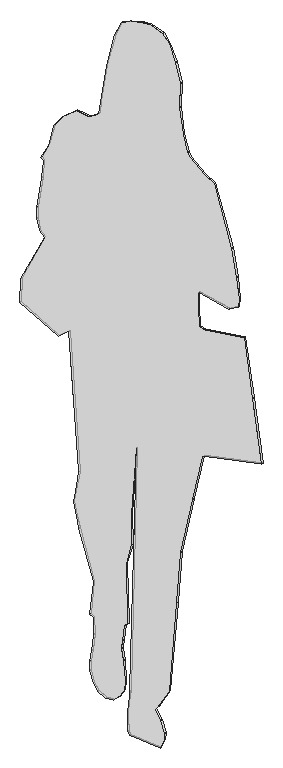
Revit family "Flat Lady 08", category Entourage, Revit 2015
Parameters
  Flat Material [instance] = none
  Height = 0 mm
Reference planes
  plane 1 "Center (Front/Back)": y = 0
  plane 2: z = 0
  plane 3 "Center (Left/Right)": x = 0
Forms (mm)
  Extrusion 1, solid, material <- "Flat Material"
    sketch origin (0, 0, 0) x (1, 0, 0) y (0, 0, 1)
      loop
        line (66.76, 12.165) -> (68.438, 29.366) -> (57.948, 57.053) -> (43.685, 76.349) -> (50.024, 83.281) -> (80.303, 132.805) -> (99.576, 346.041) -> (110.539, 467.356) -> (142.242, 604.673) -> (167.423, 713.715) -> (322.648, 748.331) -> (298.55, 895.861) -> (276.688, 1029.711) -> (172.034, 1013.281) -> (159.033, 1013.971) -> (155.423, 1057.701) -> (156.039, 1092.63) -> (236.007, 1081.251) -> (260.885, 1096.411) -> (262.708, 1114) -> (257.249, 1164.341) -> (244.176, 1227.011) -> (198.408, 1364.99) -> (172.245, 1375.881) -> (134.683, 1402.771) -> (128.604, 1412.371) -> (116.493, 1449.31) -> (108.205, 1510.471) -> (109.484, 1567.801) -> (97.372, 1613.031) -> (79.532, 1649.342) -> (62.958, 1669.081) -> (29.822, 1678.64) -> (10.447, 1675.501) -> (-22.02, 1667.631) -> (-45.624, 1656.82) -> (-62.352, 1622.4) -> (-84.982, 1540.791) -> (-100.722, 1452.291) -> (-104.452, 1421.612) -> (-109.816, 1418.35) -> (-130.162, 1406.012) -> (-146.512, 1407.101) -> (-162.862, 1408.192) -> (-199.189, 1381.321) -> (-221.712, 1352.27) -> (-236.971, 1299.252) -> (-255.858, 1264.4) -> (-249.518, 1261.65) -> (-253.634, 1219.791) -> (-266.407, 1144.781) -> (-266.936, 1118.711) -> (-260.553, 1092.112) -> (-246.771, 1080.091) -> (-308.839, 963.062) -> (-311.668, 906.664) -> (-210.103, 862.957) -> (-183.086, 882.154) -> (-157.332, 562.941) -> (-166.063, 513.876) -> (-171.567, 489.113) -> (-163.307, 456.097) -> (-156.828, 430.204) -> (-119.267, 318.525) -> (-127.517, 238.735) -> (-119.208, 234.383) -> (-116.977, 196.867) -> (-123.213, 155.861) -> (-127.366, 128.87) -> (-127.366, 107.069) -> (-119.056, 81.635) -> (-107.119, 66.063) -> (-85.825, 57.24) -> (-66.095, 59.317) -> (-51.034, 72.811) -> (-38.047, 92.016) -> (-34.931, 114.336) -> (-39.088, 162.09) -> (-43.56, 188.171) -> (-41.472, 208.975) -> (-36.107, 244.621) -> (-28.43, 249.741) -> (-32.552, 391.439) -> (-17.409, 440.964) -> (-18.792, 512.501) -> (-6.402, 672.083) -> (-22.913, 95.661) -> (-24.731, 84.74) -> (-29.615, 45.296) -> (-29.346, 27.687) -> (-28.925, 0) -> (-24.309, -8.81) -> (57.112, -8.81) -> (66.76, 12.165)
    from -2.5 to 2.5
Lines and regions (mm)
  model lines
    curve 1: line (-150, 0, 0) -> (150, 0, 0)
    curve 2: line (0, -150, 0) -> (0, 150, 0)
Dimensions and locks
  aligned and locked: level to plane 2
